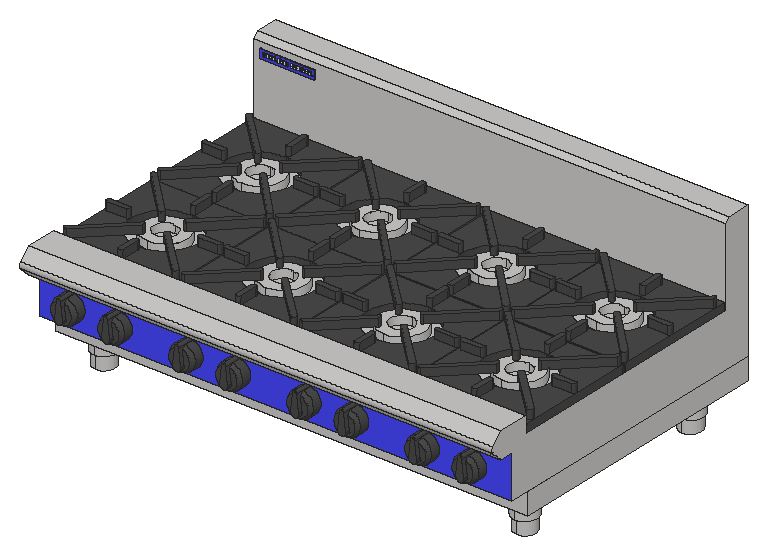
Revit family "QF_MOFFAT_BLUESEAL_CE_G518D-B", category Specialty Equipment, Revit 2012 (continued)
Definition of nested family "GAS BURNER 1200"
  Automatic sketch dimensions
    curve 180 to curve 195 = 0 mm  (x2)
    curve 180 to curve 209 = 0 mm  (x2)
    curve 180 to curve 210 = 0 mm  (x2)
    curve 181 to curve 182 = 0 mm  (x2)
    curve 181 to curve 183 = 0 mm  (x2)
    curve 181 to curve 184 = 0 mm  (x2)
    curve 181 to curve 196 = 0 mm  (x2)
    curve 181 to curve 197 = 0 mm  (x2)
    curve 181 to curve 198 = 0 mm  (x2)
    curve 181 to curve 199 = 0 mm  (x2)
    curve 182 to curve 183 = 0 mm  (x2)
    curve 182 to curve 184 = 0 mm  (x2)
    curve 182 to curve 196 = 0 mm  (x2)
    curve 182 to curve 197 = 0 mm  (x2)
    curve 182 to curve 198 = 0 mm  (x2)
    curve 182 to curve 199 = 0 mm  (x2)
    curve 183 to curve 184 = 0 mm  (x2)
    curve 183 to curve 196 = 0 mm  (x2)
    curve 183 to curve 197 = 0 mm  (x2)
    curve 183 to curve 198 = 0 mm  (x2)
    curve 183 to curve 199 = 0 mm  (x2)
    curve 184 to curve 196 = 0 mm  (x2)
    curve 184 to curve 197 = 0 mm  (x2)
    curve 184 to curve 198 = 0 mm  (x2)
    curve 184 to curve 199 = 0 mm  (x2)
    curve 185 to curve 186 = 0 mm  (x2)
    curve 185 to curve 216 = 0 mm  (x2)
    curve 185 to curve 217 = 0 mm  (x2)
    curve 186 to curve 216 = 0 mm  (x2)
    curve 186 to curve 217 = 0 mm  (x2)
    curve 187 to curve 188 = 0 mm  (x2)
    curve 187 to curve 193 = 0 mm  (x2)
    curve 187 to curve 211 = 0 mm  (x2)
    curve 188 to curve 193 = 0 mm  (x2)
    curve 188 to curve 211 = 0 mm  (x2)
    curve 189 to curve 190 = 0 mm  (x2)
    curve 189 to curve 191 = 0 mm  (x2)
    curve 189 to curve 192 = 0 mm  (x2)
    curve 190 to curve 191 = 0 mm  (x2)
    curve 190 to curve 192 = 0 mm  (x2)
    curve 191 to curve 192 = 0 mm  (x2)
    curve 193 to curve 211 = 0 mm  (x2)
    curve 194 to curve 195 = 0 mm  (x2)
    curve 194 to curve 209 = 0 mm  (x2)
    curve 194 to curve 210 = 0 mm  (x2)
    curve 195 to curve 209 = 0 mm  (x2)
    curve 195 to curve 210 = 0 mm  (x2)
    curve 196 to curve 197 = 0 mm  (x2)
    curve 196 to curve 198 = 0 mm  (x2)
    curve 196 to curve 199 = 0 mm  (x2)
    curve 197 to curve 198 = 0 mm  (x2)
    curve 197 to curve 199 = 0 mm  (x2)
    curve 198 to curve 199 = 0 mm  (x2)
    curve 200 to curve 201 = 0 mm  (x2)
    curve 200 to curve 202 = 0 mm  (x2)
    curve 200 to curve 203 = 0 mm  (x2)
    curve 200 to curve 207 = 0 mm  (x2)
    curve 201 to curve 202 = 0 mm  (x2)
    curve 201 to curve 203 = 0 mm  (x2)
    curve 201 to curve 207 = 0 mm  (x2)
    curve 202 to curve 203 = 0 mm  (x2)
    curve 202 to curve 207 = 0 mm  (x2)
    curve 203 to curve 207 = 0 mm  (x2)
    curve 204 to curve 205 = 0 mm  (x2)
    curve 204 to curve 206 = 0 mm  (x2)
    curve 204 to curve 208 = 0 mm  (x2)
    curve 205 to curve 206 = 0 mm  (x2)
    curve 205 to curve 208 = 0 mm  (x2)
    curve 206 to curve 208 = 0 mm  (x2)
    curve 209 to curve 210 = 0 mm  (x2)
    curve 212 to curve 213 = 0 mm  (x2)
    curve 212 to curve 214 = 0 mm  (x2)
    curve 212 to curve 215 = 0 mm  (x2)
    curve 213 to curve 214 = 0 mm  (x2)
    curve 213 to curve 215 = 0 mm  (x2)
    curve 214 to curve 215 = 0 mm  (x2)
    curve 216 to curve 217 = 0 mm  (x2)
    curve 220 to curve 221 = 0 mm  (x2)
    curve 220 to curve 247 = 0 mm  (x2)
    curve 220 to curve 248 = 0 mm  (x2)
    curve 220 to curve 284 = 0 mm  (x2)
    curve 220 to curve 285 = 0 mm  (x2)
    curve 220 to curve 286 = 0 mm  (x2)
    curve 220 to curve 296 = 0 mm  (x2)
    curve 221 to curve 247 = 0 mm  (x2)
    curve 221 to curve 248 = 0 mm  (x2)
    curve 221 to curve 284 = 0 mm  (x2)
    curve 221 to curve 285 = 0 mm  (x2)
    curve 221 to curve 286 = 0 mm  (x2)
    curve 221 to curve 296 = 0 mm  (x2)
    curve 222 to curve 223 = 0 mm  (x2)
    curve 222 to curve 282 = 0 mm  (x2)
    curve 222 to curve 283 = 0 mm  (x2)
    curve 222 to curve 297 = 0 mm  (x2)
    curve 222 to curve 298 = 0 mm  (x2)
    curve 223 to curve 282 = 0 mm  (x2)
    curve 223 to curve 283 = 0 mm  (x2)
    curve 223 to curve 297 = 0 mm  (x2)
    curve 223 to curve 298 = 0 mm  (x2)
    curve 231 to curve 307 = 0 mm  (x2)
    curve 233 to curve 305 = 0 mm  (x2)
    curve 247 to curve 248 = 0 mm  (x2)
    curve 247 to curve 284 = 0 mm  (x2)
    curve 247 to curve 285 = 0 mm  (x2)
    curve 247 to curve 286 = 0 mm  (x2)
    curve 247 to curve 296 = 0 mm  (x2)
    curve 248 to curve 284 = 0 mm  (x2)
    curve 248 to curve 285 = 0 mm  (x2)
    curve 248 to curve 286 = 0 mm  (x2)
    curve 248 to curve 296 = 0 mm  (x2)
    curve 275 to curve 276 = 0 mm  (x2)
    curve 275 to curve 291 = 0 mm  (x2)
    curve 275 to curve 292 = 0 mm  (x2)
    curve 275 to curve 293 = 0 mm  (x2)
    curve 275 to curve 295 = 0 mm  (x2)
    curve 276 to curve 291 = 0 mm  (x2)
    curve 276 to curve 292 = 0 mm  (x2)
    curve 276 to curve 293 = 0 mm  (x2)
    curve 276 to curve 295 = 0 mm  (x2)
    curve 277 to curve 278 = 0 mm  (x2)
    curve 277 to curve 279 = 0 mm  (x2)
    curve 277 to curve 280 = 0 mm  (x2)
    curve 277 to curve 287 = 0 mm  (x2)
    curve 277 to curve 288 = 0 mm  (x2)
    curve 277 to curve 289 = 0 mm  (x2)
    curve 277 to curve 290 = 0 mm  (x2)
    curve 277 to curve 294 = 0 mm  (x2)
    curve 278 to curve 279 = 0 mm  (x2)
    curve 278 to curve 280 = 0 mm  (x2)
    curve 278 to curve 287 = 0 mm  (x2)
    curve 278 to curve 288 = 0 mm  (x2)
    curve 278 to curve 289 = 0 mm  (x2)
    curve 278 to curve 290 = 0 mm  (x2)
    curve 278 to curve 294 = 0 mm  (x2)
    curve 279 to curve 280 = 0 mm  (x2)
    curve 279 to curve 287 = 0 mm  (x2)
    curve 279 to curve 288 = 0 mm  (x2)
    curve 279 to curve 289 = 0 mm  (x2)
    curve 279 to curve 290 = 0 mm  (x2)
    curve 279 to curve 294 = 0 mm  (x2)
    curve 280 to curve 287 = 0 mm  (x2)
    curve 280 to curve 288 = 0 mm  (x2)
    curve 280 to curve 289 = 0 mm  (x2)
    curve 280 to curve 290 = 0 mm  (x2)
    curve 280 to curve 294 = 0 mm  (x2)
    curve 282 to curve 283 = 0 mm  (x2)
    curve 282 to curve 297 = 0 mm  (x2)
    curve 282 to curve 298 = 0 mm  (x2)
    curve 283 to curve 297 = 0 mm  (x2)
    curve 283 to curve 298 = 0 mm  (x2)
    curve 284 to curve 285 = 0 mm  (x2)
    curve 284 to curve 286 = 0 mm  (x2)
    curve 284 to curve 296 = 0 mm  (x2)
    curve 285 to curve 286 = 0 mm  (x2)
    curve 285 to curve 296 = 0 mm  (x2)
    curve 286 to curve 296 = 0 mm  (x2)
    curve 287 to curve 288 = 0 mm  (x2)
    curve 287 to curve 289 = 0 mm  (x2)
    curve 287 to curve 290 = 0 mm  (x2)
    curve 287 to curve 294 = 0 mm  (x2)
    curve 288 to curve 289 = 0 mm  (x2)
    curve 288 to curve 290 = 0 mm  (x2)
    curve 288 to curve 294 = 0 mm  (x2)
    curve 289 to curve 290 = 0 mm  (x2)
    curve 289 to curve 294 = 0 mm  (x2)
    curve 290 to curve 294 = 0 mm  (x2)
    curve 291 to curve 292 = 0 mm  (x2)
    curve 291 to curve 293 = 0 mm  (x2)
    curve 291 to curve 295 = 0 mm  (x2)
    curve 292 to curve 293 = 0 mm  (x2)
    curve 292 to curve 295 = 0 mm  (x2)
    curve 293 to curve 295 = 0 mm  (x2)
    curve 297 to curve 298 = 0 mm  (x2)
    curve 338 to curve 339 = 0 mm  (x2)
    curve 338 to curve 385 = 0 mm  (x2)
    curve 338 to curve 386 = 0 mm  (x2)
    curve 338 to curve 432 = 0 mm  (x2)
    curve 338 to curve 433 = 0 mm  (x2)
    curve 338 to curve 434 = 0 mm  (x2)
    curve 338 to curve 444 = 0 mm  (x2)
    curve 339 to curve 385 = 0 mm  (x2)
    curve 339 to curve 386 = 0 mm  (x2)
    curve 339 to curve 432 = 0 mm  (x2)
    curve 339 to curve 433 = 0 mm  (x2)
    curve 339 to curve 434 = 0 mm  (x2)
    curve 339 to curve 444 = 0 mm  (x2)
    curve 340 to curve 341 = 0 mm  (x2)
    curve 340 to curve 430 = 0 mm  (x2)
    curve 340 to curve 431 = 0 mm  (x2)
    curve 340 to curve 445 = 0 mm  (x2)
    curve 340 to curve 446 = 0 mm  (x2)
    curve 341 to curve 430 = 0 mm  (x2)
    curve 341 to curve 431 = 0 mm  (x2)
    curve 341 to curve 445 = 0 mm  (x2)
    curve 341 to curve 446 = 0 mm  (x2)
    curve 385 to curve 386 = 0 mm  (x2)
    curve 385 to curve 432 = 0 mm  (x2)
    curve 385 to curve 433 = 0 mm  (x2)
    curve 385 to curve 434 = 0 mm  (x2)
    curve 385 to curve 444 = 0 mm  (x2)
    curve 386 to curve 432 = 0 mm  (x2)
    curve 386 to curve 433 = 0 mm  (x2)
    curve 386 to curve 434 = 0 mm  (x2)
    curve 386 to curve 444 = 0 mm  (x2)
    curve 419 to curve 420 = 0 mm  (x2)
    curve 419 to curve 439 = 0 mm  (x2)
    curve 419 to curve 440 = 0 mm  (x2)
    curve 419 to curve 441 = 0 mm  (x2)
    curve 419 to curve 443 = 0 mm  (x2)
    curve 420 to curve 439 = 0 mm  (x2)
    curve 420 to curve 440 = 0 mm  (x2)
    curve 420 to curve 441 = 0 mm  (x2)
    curve 420 to curve 443 = 0 mm  (x2)
    curve 421 to curve 422 = 0 mm  (x2)
    curve 421 to curve 423 = 0 mm  (x2)
    curve 421 to curve 424 = 0 mm  (x2)
    curve 421 to curve 435 = 0 mm  (x2)
    curve 421 to curve 436 = 0 mm  (x2)
    curve 421 to curve 437 = 0 mm  (x2)
    curve 421 to curve 438 = 0 mm  (x2)
    curve 421 to curve 442 = 0 mm  (x2)
    curve 422 to curve 423 = 0 mm  (x2)
    curve 422 to curve 424 = 0 mm  (x2)
    curve 422 to curve 435 = 0 mm  (x2)
    curve 422 to curve 436 = 0 mm  (x2)
    curve 422 to curve 437 = 0 mm  (x2)
    curve 422 to curve 438 = 0 mm  (x2)
    curve 422 to curve 442 = 0 mm  (x2)
    curve 423 to curve 424 = 0 mm  (x2)
    curve 423 to curve 435 = 0 mm  (x2)
    curve 423 to curve 436 = 0 mm  (x2)
    curve 423 to curve 437 = 0 mm  (x2)
    curve 423 to curve 438 = 0 mm  (x2)
    curve 423 to curve 442 = 0 mm  (x2)
    curve 424 to curve 435 = 0 mm  (x2)
    curve 424 to curve 436 = 0 mm  (x2)
    curve 424 to curve 437 = 0 mm  (x2)
    curve 424 to curve 438 = 0 mm  (x2)
    curve 424 to curve 442 = 0 mm  (x2)
    curve 430 to curve 431 = 0 mm  (x2)
    curve 430 to curve 445 = 0 mm  (x2)
    curve 430 to curve 446 = 0 mm  (x2)
    curve 431 to curve 445 = 0 mm  (x2)
    curve 431 to curve 446 = 0 mm  (x2)
    curve 432 to curve 433 = 0 mm  (x2)
    curve 432 to curve 434 = 0 mm  (x2)
    curve 432 to curve 444 = 0 mm  (x2)
    curve 433 to curve 434 = 0 mm  (x2)
    curve 433 to curve 444 = 0 mm  (x2)
    curve 434 to curve 444 = 0 mm  (x2)
    curve 435 to curve 436 = 0 mm  (x2)
    curve 435 to curve 437 = 0 mm  (x2)
    curve 435 to curve 438 = 0 mm  (x2)
    curve 435 to curve 442 = 0 mm  (x2)
    curve 436 to curve 437 = 0 mm  (x2)
    curve 436 to curve 438 = 0 mm  (x2)
    curve 436 to curve 442 = 0 mm  (x2)
    curve 437 to curve 438 = 0 mm  (x2)
    curve 437 to curve 442 = 0 mm  (x2)
    curve 438 to curve 442 = 0 mm  (x2)
    curve 439 to curve 440 = 0 mm  (x2)
    curve 439 to curve 441 = 0 mm  (x2)
    curve 439 to curve 443 = 0 mm  (x2)
    curve 440 to curve 441 = 0 mm  (x2)
    curve 440 to curve 443 = 0 mm  (x2)
    curve 441 to curve 443 = 0 mm  (x2)
    curve 445 to curve 446 = 0 mm  (x2)
    plane 5 "FRONT" to curve 74 = 0 mm
    plane 1 "BACK" to curve 64 = 0 mm
    plane 5 "FRONT" to curve 82 = 0 mm
    plane 1 "BACK" to curve 56 = 0 mm
    plane 1 "BACK" to curve 322 = 0 mm
    plane 5 "FRONT" to curve 303 = 0 mm
    plane 1 "BACK" to curve 350 = 0 mm
    plane 5 "FRONT" to curve 362 = 0 mm
    plane 3 "LEFT" to curve 64 = 1 mm
    plane 3 "LEFT" to curve 74 = 1 mm
    curve 67 to plane 8 "Center X" = 1 mm
    plane 3 "LEFT" to curve 67 = 4 mm
    curve 72 to curve 66 = 0 mm
    plane 3 "LEFT" to curve 74 = 4 mm
    plane 3 "LEFT" to curve 64 = 4 mm
    plane 3 "LEFT" to curve 118 = 6.102 mm
    plane 3 "LEFT" to curve 102 = 6.102 mm
    plane 3 "LEFT" to curve 125 = 6.102 mm
    plane 3 "LEFT" to curve 94 = 6.102 mm
    plane 3 "LEFT" to curve 122 = 8.898 mm
    plane 3 "LEFT" to curve 95 = 8.898 mm
    curve 94 to curve 94 = 4.525 mm
    curve 102 to curve 102 = 4.525 mm
    curve 125 to curve 126 = 4.525 mm
    curve 118 to curve 118 = 4.525 mm
    curve 121 to curve 121 = 49.204 mm
    curve 97 to curve 96 = 49.204 mm
    curve 124 to curve 206 = 27.397 mm
    curve 96 to curve 217 = 27.588 mm
    curve 123 to curve 206 = 28.605 mm
    curve 97 to curve 217 = 29.017 mm
    curve 206 to curve 205 = 8.937 mm
    curve 217 to curve 38 = 8.97 mm
    curve 206 to curve 138 = 9.138 mm
    curve 217 to curve 185 = 9.204 mm
    curve 206 to curve 201 = 18.412 mm
    curve 217 to curve 193 = 18.305 mm
    curve 217 to curve 193 = 19.856 mm
    curve 206 to curve 201 = 20.262 mm
    curve 201 to curve 202 = 2.762 mm
    curve 202 to curve 202 = 1.784 mm
    curve 201 to curve 140 = 8.655 mm
    curve 193 to curve 92 = 8.479 mm
    curve 193 to curve 100 = 8.601 mm
    curve 201 to curve 119 = 10.114 mm
    curve 201 to curve 128 = 7.056 mm
    curve 193 to curve 36 = 9.051 mm
    curve 193 to curve 188 = 9.081 mm
    curve 202 to curve 207 = 4.893 mm
    curve 92 to curve 92 = 4.525 mm
    curve 120 to curve 120 = 4.525 mm
    curve 128 to curve 128 = 4.525 mm
    curve 100 to curve 100 = 4.525 mm
    curve 110 to plane 8 "Center X" = 11.398 mm
    curve 205 to curve 110 = 49.164 mm
    curve 108 to curve 111 = 0 mm
    plane 1 "BACK" to curve 40 = 25.398 mm
    curve 185 to curve 40 = 47.276 mm
    curve 138 to curve 130 = 47.755 mm
    curve 41 to curve 185 = 6.391 mm
    curve 120 to curve 204 = 31.44 mm
    curve 37 to curve 104 = 0.009 mm
    curve 40 to curve 40 = 6.4 mm
    curve 107 to curve 106 = 6.4 mm
    curve 131 to curve 130 = 6.4 mm
    curve 137 to curve 207 = 0.009 mm
    curve 111 to curve 110 = 6.4 mm
    curve 103 to curve 89 = 26.924 mm
    curve 103 to curve 2 = 26.924 mm
    curve 141 to curve 133 = 26.924 mm
    curve 141 to curve 113 = 26.924 mm
    curve 1 to curve 2 = 4.525 mm
    curve 88 to curve 88 = 4.525 mm
    curve 114 to curve 114 = 4.525 mm
    curve 133 to curve 136 = 4.525 mm
    curve 136 to curve 139 = 6.668 mm
    curve 89 to curve 35 = 8.448 mm
    curve 2 to curve 211 = 8.601 mm
    curve 114 to curve 200 = 10.51 mm
    curve 135 to curve 203 = 7.056 mm
    curve 88 to curve 187 = 8.479 mm
    curve 2 to curve 187 = 8.601 mm
    curve 200 to curve 203 = 8.655 mm
    curve 211 to curve 37 = 18.144 mm
    curve 139 to curve 208 = 20.555 mm
    curve 35 to curve 216 = 19.959 mm
    curve 200 to curve 137 = 18.122 mm
    curve 37 to curve 186 = 9.203 mm
    curve 208 to curve 204 = 9.136 mm
    curve 216 to curve 186 = 8.969 mm
    curve 137 to curve 204 = 8.936 mm
    curve 187 to curve 6 = 47.322 mm
    curve 204 to curve 145 = 28.615 mm
    curve 134 to plane 5 "FRONT" = 22.602 mm
    curve 208 to curve 134 = 80.7 mm
    plane 8 "Center X" to curve 90 = 3.602 mm
    curve 216 to curve 90 = 79.516 mm
    curve 113 to plane 8 "Center X" = 8.602 mm
    curve 113 to curve 90 = 0 mm
    plane 1 "BACK" to curve 4 = 22.602 mm
    curve 37 to curve 4 = 81.178 mm
    curve 1 to curve 4 = 4.525 mm
    curve 133 to curve 134 = 4.525 mm
    curve 5 to curve 8 = 49.204 mm
    curve 145 to curve 146 = 49.204 mm
    curve 71 to plane 8 "Center X" = 4 mm
    curve 116 to curve 71 = 6.628 mm
    curve 4 to curve 63 = 11.153 mm
    curve 67 to curve 71 = 0 mm
    curve 76 to plane 5 "FRONT" = 3 mm
    curve 133 to curve 76 = 11.153 mm
    curve 70 to curve 69 = 3 mm
    curve 69 to curve 57 = 2 mm
    curve 76 to curve 82 = 2 mm
    curve 80 to curve 80 = 3 mm
    curve 58 to plane 8 "Center X" = 1 mm
    curve 58 to curve 79 = 0 mm
    curve 81 to curve 82 = 3 mm
    curve 57 to curve 56 = 3 mm
    plane 1 "BACK" to curve 9 = 31.653 mm
    curve 3 to curve 9 = 12.205 mm
    curve 149 to plane 8 "Center X" = 17.653 mm
    curve 80 to curve 149 = 2.102 mm
    plane 8 "Center X" to curve 47 = 12.653 mm
    curve 58 to curve 47 = 2.102 mm
    curve 134 to curve 170 = 12.205 mm
    curve 7 to curve 44 = 17.796 mm
    curve 146 to curve 174 = 17.796 mm
    curve 170 to curve 170 = 4.525 mm
    curve 47 to curve 48 = 4.525 mm
    curve 9 to curve 12 = 4.525 mm
    curve 148 to curve 148 = 4.525 mm
    curve 44 to curve 43 = 49.204 mm
    curve 174 to curve 172 = 49.204 mm
    curve 173 to curve 210 = 27.407 mm
    curve 46 to curve 215 = 27.598 mm
    curve 46 to curve 215 = 29.027 mm
    curve 171 to curve 210 = 32.533 mm
    curve 210 to curve 209 = 8.936 mm
    curve 215 to curve 32 = 8.969 mm
    curve 215 to curve 212 = 9.203 mm
    curve 210 to curve 198 = 18.402 mm
    curve 215 to curve 189 = 18.296 mm
    curve 215 to curve 189 = 19.847 mm
    curve 180 to curve 198 = 16.335 mm
    curve 198 to curve 182 = 8.655 mm
    curve 189 to curve 50 = 8.479 mm
    curve 198 to curve 168 = 7.056 mm
    curve 189 to curve 9 = 8.601 mm
    curve 198 to curve 150 = 10.114 mm
    curve 189 to curve 30 = 9.051 mm
    curve 189 to curve 192 = 9.081 mm
    curve 198 to curve 197 = 9.439 mm
    curve 9 to curve 10 = 4.525 mm
    curve 50 to curve 50 = 4.525 mm
    curve 169 to curve 168 = 4.525 mm
    curve 149 to curve 150 = 4.525 mm
    curve 168 to curve 168 = 4.525 mm
    plane 1 "BACK" to curve 16 = 25.398 mm
    curve 212 to curve 16 = 47.268 mm
    plane 8 "Center X" to curve 53 = 6.398 mm
    curve 32 to curve 53 = 48.931 mm
    curve 151 to curve 53 = 0 mm
    curve 197 to curve 176 = 27.192 mm
    curve 168 to curve 183 = 26.924 mm
    curve 151 to curve 154 = 6.4 mm
    curve 13 to curve 14 = 6.4 mm
    curve 178 to curve 178 = 6.4 mm
    curve 10 to curve 189 = 31.449 mm
    curve 52 to curve 52 = 6.4 mm
    curve 29 to curve 212 = 0.009 mm
    curve 181 to curve 210 = 0.009 mm
    curve 33 to curve 17 = 26.924 mm
    curve 183 to curve 155 = 26.924 mm
    curve 183 to curve 165 = 26.924 mm
    curve 33 to curve 27 = 26.924 mm
    curve 156 to curve 156 = 4.525 mm
    curve 18 to curve 18 = 4.525 mm
    curve 165 to curve 164 = 4.525 mm
    curve 26 to curve 26 = 4.525 mm
    curve 164 to curve 181 = 6.668 mm
    curve 27 to curve 29 = 8.448 mm
    curve 17 to curve 190 = 8.601 mm
    curve 156 to curve 199 = 10.51 mm
    curve 164 to curve 196 = 7.056 mm
    curve 26 to curve 191 = 8.479 mm
    curve 18 to curve 191 = 8.601 mm
    curve 199 to curve 196 = 8.655 mm
    curve 190 to curve 31 = 18.152 mm
    curve 181 to curve 195 = 20.563 mm
    curve 29 to curve 214 = 19.967 mm
    curve 199 to curve 179 = 18.13 mm
    curve 31 to curve 213 = 9.204 mm
    curve 195 to curve 194 = 9.138 mm
    curve 214 to curve 213 = 8.97 mm
    curve 179 to curve 194 = 8.937 mm
    curve 194 to curve 160 = 28.605 mm
    curve 191 to curve 22 = 47.322 mm
    curve 158 to plane 8 "Center X" = 8.602 mm
    curve 179 to curve 158 = 79.283 mm
    curve 166 to plane 7 "Center Y" = 15.153 mm
    curve 17 to plane 7 "Center Y" = 15.153 mm
    plane 8 "Center X" to curve 27 = 3.602 mm
    curve 27 to curve 158 = 0 mm
    curve 155 to curve 158 = 4.525 mm
    curve 28 to curve 28 = 4.525 mm
    curve 166 to curve 166 = 4.525 mm
    curve 21 to plane 7 "Center Y" = 8.898 mm
    curve 161 to plane 7 "Center Y" = 8.898 mm
    curve 62 to plane 7 "Center Y" = 4 mm
    curve 79 to plane 7 "Center Y" = 4 mm
    curve 83 to plane 7 "Center Y" = 4 mm
    curve 60 to curve 86 = 0 mm
    curve 61 to plane 7 "Center Y" = 1 mm
    curve 84 to plane 7 "Center Y" = 1 mm
    plane 7 "Center Y" to curve 309 = 2 mm
    plane 7 "Center Y" to curve 320 = 2 mm
    curve 321 to curve 322 = 3 mm
    curve 320 to plane 8 "Center X" = 1 mm
    curve 320 to curve 320 = 3 mm
    curve 302 to curve 303 = 3 mm
    curve 308 to curve 319 = 0 mm
    plane 7 "Center Y" to curve 317 = 7.102 mm
    plane 7 "Center Y" to curve 301 = 7.102 mm
    plane 7 "Center Y" to curve 328 = 7.102 mm
    plane 7 "Center Y" to curve 315 = 7.102 mm
    plane 7 "Center Y" to curve 312 = 9.898 mm
    plane 7 "Center Y" to curve 325 = 9.898 mm
    curve 318 to curve 317 = 4.525 mm
    curve 315 to curve 315 = 4.525 mm
    curve 300 to curve 301 = 4.525 mm
    curve 326 to curve 328 = 4.525 mm
    curve 323 to curve 219 = 49.204 mm
    curve 312 to curve 281 = 49.204 mm
    curve 311 to curve 291 = 27.407 mm
    curve 219 to curve 283 = 27.598 mm
    curve 281 to curve 291 = 28.615 mm
    curve 219 to curve 283 = 29.027 mm
    curve 291 to curve 275 = 8.936 mm
    curve 283 to curve 297 = 8.969 mm
    curve 291 to curve 295 = 9.136 mm
    curve 283 to curve 222 = 9.203 mm
    curve 291 to curve 290 = 18.402 mm
    curve 283 to curve 284 = 18.296 mm
    curve 283 to curve 284 = 19.847 mm
    curve 291 to curve 290 = 20.253 mm
    curve 290 to curve 287 = 8.655 mm
    curve 284 to curve 234 = 8.479 mm
    curve 290 to curve 257 = 10.114 mm
    curve 290 to curve 300 = 7.056 mm
    curve 284 to curve 326 = 8.601 mm
    curve 284 to curve 296 = 9.051 mm
    curve 284 to curve 220 = 9.081 mm
    curve 290 to curve 277 = 9.439 mm
    curve 313 to curve 257 = 4.525 mm
    curve 274 to curve 274 = 4.525 mm
    curve 318 to curve 234 = 4.525 mm
    curve 326 to curve 218 = 4.525 mm
    curve 295 to curve 271 = 47.747 mm
    curve 253 to plane 8 "Center X" = 11.398 mm
    curve 275 to curve 253 = 49.156 mm
    curve 249 to curve 254 = 0 mm
    curve 222 to curve 227 = 47.268 mm
    curve 234 to curve 296 = 31.449 mm
    curve 224 to curve 225 = 6.4 mm
    curve 249 to curve 250 = 6.4 mm
    curve 274 to curve 294 = 26.924 mm
    curve 256 to curve 256 = 6.4 mm
    curve 273 to curve 273 = 6.4 mm
    curve 220 to curve 282 = 0.009 mm
    curve 277 to curve 291 = 0.009 mm
    curve 279 to curve 261 = 26.924 mm
    curve 280 to curve 268 = 26.924 mm
    curve 247 to curve 245 = 26.924 mm
    curve 248 to curve 235 = 26.924 mm
    curve 244 to curve 244 = 4.525 mm
    curve 261 to curve 261 = 4.525 mm
    curve 236 to curve 236 = 4.525 mm
    curve 268 to curve 269 = 4.525 mm
    curve 268 to curve 294 = 6.668 mm
    curve 236 to curve 285 = 8.448 mm
    curve 245 to curve 221 = 8.601 mm
    curve 261 to curve 278 = 10.51 mm
    curve 294 to curve 289 = 4.893 mm
    curve 289 to curve 289 = 1.784 mm
    curve 289 to curve 288 = 2.762 mm
    curve 236 to curve 286 = 8.479 mm
    curve 244 to curve 286 = 8.601 mm
    curve 278 to curve 288 = 8.655 mm
    curve 221 to curve 282 = 18.152 mm
    curve 294 to curve 276 = 20.563 mm
    curve 285 to curve 223 = 19.967 mm
    curve 278 to curve 292 = 18.13 mm
    curve 282 to curve 298 = 9.204 mm
    curve 276 to curve 293 = 9.138 mm
    curve 223 to curve 298 = 8.97 mm
    curve 292 to curve 293 = 8.937 mm
    curve 288 to curve 265 = 45.809 mm
    curve 286 to curve 240 = 47.322 mm
    plane 1 "BACK" to curve 245 = 22.602 mm
    curve 282 to curve 245 = 81.17 mm
    curve 258 to plane 8 "Center X" = 8.602 mm
    curve 292 to curve 258 = 79.283 mm
    curve 267 to plane 5 "FRONT" = 22.602 mm
    curve 276 to curve 267 = 80.692 mm
    plane 8 "Center X" to curve 235 = 3.602 mm
    curve 235 to curve 259 = 0 mm
    curve 238 to curve 238 = 4.525 mm
    curve 258 to curve 259 = 4.525 mm
    curve 265 to curve 429 = 48.204 mm
    curve 240 to curve 346 = 48.204 mm
    curve 346 to curve 241 = 1 mm
    curve 429 to curve 264 = 1 mm
    curve 368 to plane 5 "FRONT" = 3 mm
    curve 268 to curve 368 = 10.153 mm
    curve 366 to curve 366 = 3 mm
    plane 1 "BACK" to curve 347 = 3 mm
    curve 246 to curve 347 = 10.153 mm
    curve 349 to curve 366 = 0 mm
    curve 368 to curve 233 = 1 mm
    curve 347 to curve 228 = 1 mm  (x2)
    curve 349 to curve 319 = 1 mm
    curve 366 to curve 231 = 1 mm
    curve 367 to curve 307 = 1 mm
    curve 231 to curve 365 = 1 mm
    curve 228 to curve 357 = 1 mm
    curve 356 to curve 350 = 3 mm
    curve 363 to curve 362 = 3 mm
    curve 355 to curve 355 = 3 mm
    curve 358 to curve 354 = 0 mm
    curve 417 to plane 5 "FRONT" = 31.653 mm
    curve 267 to curve 417 = 11.205 mm
    plane 1 "BACK" to curve 332 = 31.653 mm
    curve 246 to curve 332 = 11.205 mm
    plane 8 "Center X" to curve 369 = 12.653 mm
    curve 355 to curve 369 = 2.102 mm
    curve 365 to curve 398 = 2.102 mm
    curve 242 to curve 337 = 16.796 mm
    curve 263 to curve 428 = 16.796 mm
    curve 372 to curve 372 = 4.525 mm
    curve 332 to curve 333 = 4.525 mm
    curve 398 to curve 398 = 4.525 mm
    curve 417 to curve 416 = 4.525 mm
    curve 337 to curve 335 = 49.204 mm
    curve 428 to curve 427 = 49.204 mm
    curve 426 to curve 439 = 27.407 mm
    curve 335 to curve 431 = 27.598 mm
    curve 427 to curve 439 = 28.615 mm
    curve 335 to curve 431 = 29.027 mm
    curve 439 to curve 419 = 8.936 mm
    curve 431 to curve 445 = 8.969 mm
    curve 439 to curve 443 = 9.136 mm
    curve 431 to curve 340 = 9.203 mm
    curve 439 to curve 438 = 18.402 mm
    curve 431 to curve 432 = 18.296 mm
    curve 431 to curve 432 = 19.847 mm
    curve 439 to curve 438 = 20.253 mm
    curve 438 to curve 435 = 8.655 mm
    curve 432 to curve 331 = 8.601 mm
    curve 438 to curve 417 = 7.056 mm
    curve 438 to curve 397 = 10.114 mm
    curve 432 to curve 369 = 8.479 mm
    curve 432 to curve 444 = 9.051 mm
    curve 432 to curve 338 = 9.081 mm
    curve 438 to curve 421 = 9.439 mm
    curve 418 to curve 418 = 4.525 mm
    curve 370 to curve 370 = 4.525 mm
    curve 331 to curve 331 = 4.525 mm
    curve 397 to curve 396 = 4.525 mm
    curve 443 to curve 411 = 47.747 mm
    curve 392 to plane 8 "Center X" = 11.398 mm
    curve 419 to curve 392 = 49.156 mm
    curve 390 to curve 392 = 0 mm
    curve 340 to curve 342 = 47.268 mm
    curve 371 to curve 338 = 26.924 mm
    curve 342 to curve 345 = 6.4 mm
    curve 396 to curve 424 = 26.924 mm
    curve 387 to curve 388 = 6.4 mm
    curve 411 to curve 414 = 6.4 mm
    curve 391 to curve 392 = 6.4 mm
    curve 338 to curve 340 = 0.009 mm
    curve 421 to curve 439 = 0.009 mm
    curve 386 to curve 374 = 26.924 mm
    curve 424 to curve 410 = 26.924 mm
    curve 424 to curve 399 = 26.924 mm
    curve 386 to curve 382 = 26.924 mm
    curve 402 to curve 402 = 4.525 mm
    curve 382 to curve 382 = 4.525 mm
    curve 374 to curve 374 = 4.525 mm
    curve 409 to curve 410 = 4.525 mm
    curve 409 to curve 442 = 6.668 mm
    curve 374 to curve 433 = 8.448 mm
    curve 382 to curve 339 = 8.601 mm
    curve 399 to curve 422 = 10.51 mm
    curve 442 to curve 437 = 4.893 mm
    curve 437 to curve 437 = 1.784 mm
    curve 437 to curve 436 = 2.762 mm
    curve 374 to curve 434 = 8.479 mm
    curve 382 to curve 434 = 8.601 mm
    curve 422 to curve 436 = 8.655 mm
    curve 339 to curve 430 = 18.152 mm
    curve 442 to curve 420 = 20.563 mm
    curve 433 to curve 341 = 19.967 mm
    curve 422 to curve 440 = 18.13 mm
    curve 430 to curve 446 = 9.204 mm
    curve 420 to curve 441 = 9.138 mm
    curve 341 to curve 446 = 8.97 mm
    curve 440 to curve 441 = 8.937 mm
    curve 441 to curve 405 = 28.605 mm
    curve 434 to curve 379 = 47.322 mm
    plane 4 "RIGHT" to curve 384 = 15.153 mm
    plane 4 "RIGHT" to curve 409 = 15.153 mm
    plane 8 "Center X" to curve 376 = 3.602 mm
    curve 341 to curve 376 = 79.508 mm
    curve 400 to plane 8 "Center X" = 8.602 mm
    curve 400 to curve 373 = 0 mm
    curve 384 to curve 384 = 4.525 mm
    curve 408 to curve 408 = 4.525 mm
    plane 4 "RIGHT" to curve 379 = 8.898 mm
    plane 4 "RIGHT" to curve 403 = 8.898 mm
    plane 4 "RIGHT" to curve 359 = 4 mm
    plane 4 "RIGHT" to curve 361 = 4 mm
    plane 4 "RIGHT" to curve 350 = 4 mm
    curve 354 to plane 8 "Center X" = 1 mm
    curve 354 to curve 359 = 0 mm
    plane 4 "RIGHT" to curve 352 = 1 mm
    plane 4 "RIGHT" to curve 360 = 1 mm
    curve 361 to curve 409 = 19.602 mm
    curve 303 to curve 301 = 19.602 mm
    curve 84 to curve 165 = 19.602 mm
    curve 74 to curve 127 = 19.602 mm
    curve 414 to plane 5 "FRONT" = 25.398 mm
    curve 175 to plane 5 "FRONT" = 25.398 mm
    curve 270 to plane 5 "FRONT" = 25.398 mm
    curve 129 to plane 5 "FRONT" = 25.398 mm
    curve 412 to curve 420 = 9.316 mm
    curve 129 to curve 208 = 9.316 mm
    curve 176 to curve 195 = 9.316 mm
    curve 270 to curve 295 = 9.316 mm
    curve 442 to curve 437 = 4.003 mm
    curve 294 to curve 289 = 4.003 mm
    curve 207 to curve 202 = 4.003 mm
    curve 181 to curve 184 = 27 mm
    curve 277 to curve 280 = 27 mm
    curve 421 to curve 424 = 27 mm
    curve 139 to curve 141 = 27 mm
    curve 204 to curve 144 = 47.453 mm
    curve 198 to curve 172 = 27.481 mm
    curve 293 to curve 263 = 47.462 mm
    curve 441 to curve 406 = 47.462 mm
    curve 291 to curve 312 = 47.453 mm
    curve 263 to curve 427 = 0 mm
    curve 206 to curve 124 = 47.462 mm
    curve 194 to curve 160 = 47.462 mm
    curve 144 to curve 144 = 6.4 mm
    curve 263 to curve 263 = 6.4 mm
    curve 405 to curve 406 = 6.4 mm
    curve 426 to curve 426 = 6.4 mm
    curve 171 to curve 174 = 6.4 mm
    curve 310 to curve 312 = 6.4 mm
    curve 161 to curve 162 = 6.4 mm
    curve 122 to curve 122 = 6.4 mm
    curve 209 to curve 152 = 6.316 mm
    curve 275 to curve 255 = 6.316 mm
    curve 419 to curve 391 = 6.316 mm
    curve 137 to curve 109 = 6.316 mm
    curve 151 to plane 8 "Center X" = 11.398 mm
    curve 359 to curve 353 = 6 mm
    curve 77 to curve 80 = 0 mm
    curve 231 to curve 365 = 0 mm
    curve 66 to curve 91 = 1.602 mm
    plane 8 "Center X" to curve 108 = 6.398 mm
    plane 8 "Center X" to curve 387 = 6.398 mm
    plane 8 "Center X" to curve 249 = 6.398 mm
    curve 316 to curve 317 = 4.525 mm  (x2)
    curve 320 to curve 317 = 10.653 mm
    curve 250 to curve 297 = 9.316 mm
    curve 388 to curve 445 = 9.316 mm
    curve 52 to curve 214 = 9.316 mm
    curve 105 to curve 216 = 9.316 mm
    curve 29 to curve 33 = 27 mm
    curve 220 to curve 247 = 27 mm
    curve 35 to curve 103 = 27 mm
    curve 338 to curve 385 = 27 mm
    curve 298 to curve 242 = 49.778 mm
    curve 187 to curve 6 = 29.278 mm
    curve 217 to curve 98 = 49.778 mm
    curve 283 to curve 325 = 49.768 mm
    curve 432 to curve 335 = 29.278 mm
    curve 189 to curve 46 = 29.278 mm
    curve 24 to curve 323 = 0 mm
    curve 446 to curve 377 = 49.778 mm
    curve 377 to curve 378 = 6.4 mm
    curve 7 to curve 8 = 6.4 mm
    curve 335 to curve 335 = 6.4 mm
    curve 239 to curve 242 = 6.4 mm
    curve 95 to curve 98 = 6.4 mm
    curve 323 to curve 325 = 6.4 mm
    curve 24 to curve 24 = 6.4 mm
    curve 45 to curve 44 = 6.4 mm
    curve 340 to curve 344 = 9.816 mm
    curve 31 to curve 14 = 9.816 mm
    curve 37 to curve 39 = 9.816 mm
    curve 222 to curve 227 = 9.816 mm
    plane 1 "BACK" to curve 224 = 25.398 mm
    plane 1 "BACK" to curve 343 = 25.398 mm
    plane 1 "BACK" to Extrusion 1 sketch curve = 0 mm
    plane 5 "FRONT" to Extrusion 1 sketch curve = 0 mm
    plane 3 "LEFT" to Extrusion 1 sketch curve = 1 mm  (x2)
    plane 1 "BACK" to Extrusion 1 sketch curve = 3 mm  (x2)
    plane 8 "Center X" to Extrusion 1 sketch curve = 149 mm
    plane 8 "Center X" to Extrusion 1 sketch curve = 2 mm  (x2)
    Extrusion 1 sketch curve to plane 8 "Center X" = 1 mm
    Extrusion 1 sketch curve to Extrusion 1 sketch curve = 3 mm  (x3)
    Extrusion 1 sketch curve to plane 8 "Center X" = 151 mm
    Extrusion 1 sketch curve to plane 5 "FRONT" = 3 mm  (x2)
    plane 3 "LEFT" to Extrusion 1 sketch curve = 149.991 mm  (x2)
    Extrusion 1 sketch curve to Extrusion 1 sketch curve = 146.009 mm
    Extrusion 1 sketch curve to Extrusion 1 sketch curve = 0 mm
    Extrusion 2 sketch curve to Extrusion 1 = 22.602 mm  (x2)
    Extrusion 2 sketch curve to Extrusion 1 = 25.398 mm  (x2)
    Extrusion 2 sketch curve to Extrusion 2 sketch curve = 4.525 mm  (x16)
    Extrusion 2 sketch curve to Extrusion 2 sketch curve = 49.204 mm  (x5)
    Extrusion 2 sketch curve to Extrusion 2 sketch curve = 55.923 mm  (x5)
    Extrusion 2 sketch curve to Extrusion 2 sketch curve = 0 mm  (x5)
    Extrusion 2 sketch curve to Extrusion 2 sketch curve = 20.524 mm  (x8)
    Extrusion 2 sketch curve to Extrusion 2 sketch curve = 6.4 mm  (x8)
    Extrusion 2 sketch curve to Extrusion 2 sketch curve = 53.847 mm  (x8)
    Extrusion 2 sketch curve to Extrusion 1 = 56.602 mm
    Extrusion 2 sketch curve to Extrusion 1 = 5.102 mm  (x6)
    Extrusion 2 sketch curve to Extrusion 1 = 13.653 mm  (x2)
    Extrusion 2 sketch curve to Extrusion 1 = 7.398 mm  (x2)
    Extrusion 2 sketch curve to Extrusion 1 = 4.602 mm  (x2)
    Extrusion 2 sketch curve to Extrusion 1 = 7.898 mm  (x4)
    Extrusion 2 sketch curve to Extrusion 1 = 31.653 mm  (x2)
    Extrusion 2 sketch curve to Extrusion 1 = 57.102 mm
    Extrusion 2 sketch curve to Extrusion 1 = 14.153 mm
    Extrusion 3 sketch curve to Extrusion 3 sketch curve = 0 mm  (x24)
    plane 1 "BACK" to Extrusion 3 sketch curve = 109.5 mm
    Extrusion 3 sketch curve to Extrusion 3 sketch curve = 27 mm  (x2)
    Extrusion 3 sketch curve to Extrusion 3 sketch curve = 30 mm  (x2)
    Extrusion 3 sketch curve to plane 8 "Center X" = 92 mm
    plane 3 "LEFT" to Extrusion 3 sketch curve = 150 mm  (x2)
    plane 1 "BACK" to Extrusion 4 sketch curve = 0 mm
    plane 5 "FRONT" to Extrusion 4 sketch curve = 0 mm
    Extrusion 4 sketch curve to plane 7 "Center Y" = 1 mm  (x2)
    plane 1 "BACK" to Extrusion 4 sketch curve = 3 mm  (x2)
    plane 8 "Center X" to Extrusion 4 sketch curve = 149 mm
    plane 8 "Center X" to Extrusion 4 sketch curve = 2 mm  (x2)
    Extrusion 4 sketch curve to plane 8 "Center X" = 1 mm
    Extrusion 4 sketch curve to Extrusion 4 sketch curve = 3 mm  (x3)
    Extrusion 4 sketch curve to plane 8 "Center X" = 151 mm
    Extrusion 4 sketch curve to plane 5 "FRONT" = 3 mm  (x2)
    Extrusion 4 sketch curve to plane 7 "Center Y" = 149.991 mm  (x2)
    Extrusion 4 sketch curve to Extrusion 4 sketch curve = 146.009 mm  (x2)
    Extrusion 5 sketch curve to Extrusion 4 = 22.602 mm  (x2)
    Extrusion 5 sketch curve to Extrusion 4 = 25.398 mm  (x2)
    Extrusion 5 sketch curve to Extrusion 5 sketch curve = 4.525 mm  (x16)
    Extrusion 5 sketch curve to Extrusion 5 sketch curve = 49.204 mm  (x4)
    Extrusion 5 sketch curve to Extrusion 5 sketch curve = 55.923 mm  (x5)
    Extrusion 5 sketch curve to Extrusion 5 sketch curve = 0 mm  (x6)
    Extrusion 5 sketch curve to Extrusion 5 sketch curve = 20.524 mm  (x7)
    Extrusion 5 sketch curve to Extrusion 5 sketch curve = 6.4 mm  (x8)
    Extrusion 5 sketch curve to Extrusion 5 sketch curve = 53.847 mm  (x8)
    Extrusion 5 sketch curve to Extrusion 4 = 56.602 mm
    Extrusion 5 sketch curve to Extrusion 4 = 5.102 mm  (x6)
    Extrusion 5 sketch curve to Extrusion 4 = 13.653 mm  (x2)
    Extrusion 5 sketch curve to Extrusion 4 = 7.398 mm  (x2)
    Extrusion 5 sketch curve to Extrusion 4 = 4.602 mm  (x2)
    Extrusion 5 sketch curve to Extrusion 4 = 7.898 mm  (x4)
    Extrusion 5 sketch curve to Extrusion 4 = 31.653 mm  (x2)
    Extrusion 5 sketch curve to Extrusion 4 = 57.102 mm  (x2)
    Extrusion 5 sketch curve to Extrusion 4 = 14.153 mm
    Extrusion 6 sketch curve to Extrusion 6 sketch curve = 0 mm  (x24)
    plane 1 "BACK" to Extrusion 6 sketch curve = 109.5 mm
    Extrusion 6 sketch curve to Extrusion 6 sketch curve = 27 mm  (x2)
    Extrusion 6 sketch curve to Extrusion 6 sketch curve = 30 mm  (x2)
    Extrusion 6 sketch curve to plane 8 "Center X" = 92 mm
    Extrusion 6 sketch curve to plane 7 "Center Y" = 150 mm  (x2)
    Extrusion 7 sketch curve to Extrusion 1 = 22.602 mm  (x2)
    Extrusion 7 sketch curve to Extrusion 1 = 25.398 mm  (x2)
    Extrusion 7 sketch curve to Extrusion 7 sketch curve = 4.525 mm  (x16)
    Extrusion 7 sketch curve to Extrusion 7 sketch curve = 49.204 mm  (x6)
    Extrusion 7 sketch curve to Extrusion 7 sketch curve = 55.923 mm  (x7)
    Extrusion 7 sketch curve to Extrusion 7 sketch curve = 0 mm  (x7)
    Extrusion 7 sketch curve to Extrusion 7 sketch curve = 20.524 mm  (x7)
    Extrusion 7 sketch curve to Extrusion 7 sketch curve = 6.4 mm  (x8)
    Extrusion 7 sketch curve to Extrusion 7 sketch curve = 53.847 mm  (x8)
    Extrusion 7 sketch curve to Extrusion 1 = 56.602 mm
    Extrusion 7 sketch curve to Extrusion 1 = 13.653 mm  (x2)
    Extrusion 7 sketch curve to Extrusion 1 = 7.398 mm  (x2)
    Extrusion 7 sketch curve to Extrusion 1 = 4.602 mm  (x2)
    Extrusion 7 sketch curve to Extrusion 1 = 31.653 mm  (x2)
    Extrusion 1 to Extrusion 7 sketch curve = 308.102 mm
    Extrusion 7 sketch curve to Extrusion 7 sketch curve = 9.051 mm  (x2)
    Extrusion 7 sketch curve to Extrusion 7 sketch curve = 2.796 mm  (x2)
    Extrusion 7 sketch curve to Extrusion 7 sketch curve = 128.447 mm  (x3)
    Extrusion 8 sketch curve to Extrusion 8 sketch curve = 0 mm  (x24)
    plane 1 "BACK" to Extrusion 8 sketch curve = 109.5 mm
    Extrusion 8 sketch curve to Extrusion 8 sketch curve = 27 mm  (x2)
    Extrusion 8 sketch curve to Extrusion 8 sketch curve = 30 mm  (x2)
    Extrusion 8 sketch curve to plane 8 "Center X" = 92 mm
    plane 7 "Center Y" to Extrusion 8 sketch curve = 151 mm  (x2)
    plane 1 "BACK" to Extrusion 9 sketch curve = 0 mm
    plane 5 "FRONT" to Extrusion 9 sketch curve = 0 mm
    plane 1 "BACK" to Extrusion 9 sketch curve = 3 mm  (x2)
    plane 8 "Center X" to Extrusion 9 sketch curve = 149 mm
    plane 8 "Center X" to Extrusion 9 sketch curve = 2 mm  (x2)
    Extrusion 9 sketch curve to plane 8 "Center X" = 1 mm
    Extrusion 9 sketch curve to Extrusion 9 sketch curve = 3 mm  (x3)
    Extrusion 9 sketch curve to plane 8 "Center X" = 151 mm
    plane 7 "Center Y" to Extrusion 9 sketch curve = 2 mm  (x2)
    Extrusion 9 sketch curve to plane 5 "FRONT" = 3 mm  (x2)
    plane 7 "Center Y" to Extrusion 9 sketch curve = 151.009 mm  (x2)
    Extrusion 9 sketch curve to Extrusion 9 sketch curve = 145.991 mm  (x2)
    Extrusion 10 sketch curve to Extrusion 10 sketch curve = 0 mm  (x24)
    plane 1 "BACK" to Extrusion 10 sketch curve = 109.5 mm
    Extrusion 10 sketch curve to Extrusion 10 sketch curve = 27 mm  (x2)
    Extrusion 10 sketch curve to Extrusion 10 sketch curve = 30 mm  (x2)
    Extrusion 10 sketch curve to plane 8 "Center X" = 92 mm
    plane 7 "Center Y" to Extrusion 10 sketch curve = 151 mm  (x2)
    plane 1 "BACK" to Extrusion 11 sketch curve = 0 mm
    plane 5 "FRONT" to Extrusion 11 sketch curve = 0 mm
    plane 4 "RIGHT" to Extrusion 11 sketch curve = 1 mm  (x2)
    plane 1 "BACK" to Extrusion 11 sketch curve = 3 mm  (x2)
    plane 8 "Center X" to Extrusion 11 sketch curve = 149 mm
    plane 8 "Center X" to Extrusion 11 sketch curve = 2 mm  (x2)
    Extrusion 11 sketch curve to plane 8 "Center X" = 1 mm
    Extrusion 11 sketch curve to Extrusion 11 sketch curve = 3 mm  (x3)
    Extrusion 11 sketch curve to plane 8 "Center X" = 151 mm
    Extrusion 11 sketch curve to plane 5 "FRONT" = 3 mm  (x2)
    plane 4 "RIGHT" to Extrusion 11 sketch curve = 149.991 mm  (x2)
    Extrusion 11 sketch curve to Extrusion 11 sketch curve = 146.009 mm  (x2)
    Extrusion 12 sketch curve to Extrusion 11 = 22.602 mm  (x2)
    Extrusion 12 sketch curve to Extrusion 11 = 25.398 mm  (x2)
    Extrusion 12 sketch curve to Extrusion 12 sketch curve = 4.525 mm  (x16)
    Extrusion 12 sketch curve to Extrusion 12 sketch curve = 49.204 mm  (x4)
    Extrusion 12 sketch curve to Extrusion 12 sketch curve = 55.923 mm  (x5)
    Extrusion 12 sketch curve to Extrusion 12 sketch curve = 0 mm  (x6)
    Extrusion 12 sketch curve to Extrusion 12 sketch curve = 20.524 mm  (x7)
    Extrusion 12 sketch curve to Extrusion 12 sketch curve = 6.4 mm  (x8)
    Extrusion 12 sketch curve to Extrusion 12 sketch curve = 53.847 mm  (x8)
    Extrusion 12 sketch curve to Extrusion 11 = 56.602 mm
    Extrusion 12 sketch curve to Extrusion 11 = 5.102 mm  (x6)
    Extrusion 12 sketch curve to Extrusion 11 = 13.653 mm  (x2)
    Extrusion 12 sketch curve to Extrusion 11 = 7.398 mm  (x2)
    Extrusion 12 sketch curve to Extrusion 11 = 4.602 mm  (x2)
    Extrusion 12 sketch curve to Extrusion 11 = 7.898 mm  (x4)
    Extrusion 12 sketch curve to Extrusion 11 = 31.653 mm  (x2)
    Extrusion 12 sketch curve to Extrusion 11 = 57.102 mm  (x2)
    Extrusion 12 sketch curve to Extrusion 11 = 14.153 mm
    Extrusion 13 sketch curve to Extrusion 13 sketch curve = 0 mm  (x24)
    plane 1 "BACK" to Extrusion 13 sketch curve = 109.5 mm
    Extrusion 13 sketch curve to Extrusion 13 sketch curve = 27 mm  (x2)
    Extrusion 13 sketch curve to Extrusion 13 sketch curve = 30 mm  (x2)
    Extrusion 13 sketch curve to plane 8 "Center X" = 92 mm
    plane 4 "RIGHT" to Extrusion 13 sketch curve = 150 mm  (x2)
    radius of Extrusion 1 sketch curve = 84.082 mm  (x2)
    radius of Extrusion 4 sketch curve = 84.082 mm  (x2)
    radius of Extrusion 9 sketch curve = 84.082 mm  (x2)
    radius of Extrusion 11 sketch curve = 84.082 mm  (x2)
